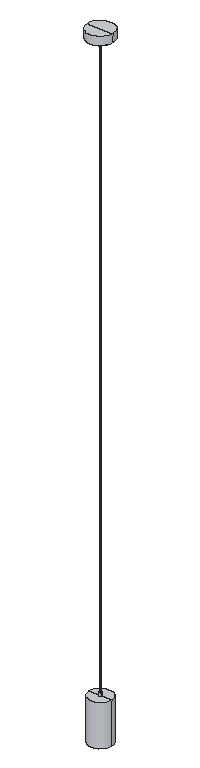
Revit family "Alcon-12303-Revit-Family", category Generic Models, host Ceiling, Revit 2025
Family settings
  Host = Ceiling
  Can host rebar = No
  Round Connector Dimension = Use Diameter
  Part Type = Normal
  Always vertical = Yes
  Cut with Voids When Loaded = No
  Maintain Annotation Orientation = No
  Shared = No
  Room Calculation Point = No
Parameters
  Default Elevation = 0' - 0"
  Cord Length = 8' - 0"
Reference planes (in)
  plane 1 "Center (Front/Back)": y = 0
  plane 2 "Ceiling": z = 96
  plane 3 "Center (Left/Right)": x = 0
Forms (in)
  Revolve 1, solid
    sketch origin (0, 0, 0) x (1, 0, 0) y (0, 0, 1)
      loop
        line (-0.01622, 96) -> (-0.01622, 94.625) -> (-0.01622, 93.75) -> (0.24582, 93.75) -> (0.33118, 94.54444) -> (1.87331, 94.54444) -> (1.87331, 94.70972) -> (2.12331, 94.70972) -> (2.12331, 96) -> (-0.01622, 96)
      axis (-0.01622, 96) -> (-0.01622, 93.75)
    angle from 0 to 360
  Revolve 2, solid
    sketch origin (0, 0, 0) x (1, 0, 0) y (0, 0, 1)
      loop
        line (0.18351, -2.25) -> (0, -2.25) -> (0, -9.5) -> (1.875, -9.5) -> (1.875, -2.75) -> (0.18351, -2.75) -> (0.18351, -2.25)
      axis (0, -2.25) -> (0, -9.5)
    angle from 0 to 360
  Extrusion 3, solid
    sketch origin (0, 0, 93.75) x (1, 0, 0) y (0, -1, 0)
      loop
        circle (0, 0) r 0.05617
    from 0 to 96
Dimensions and locks (in)
  equal spacing: host sketch curve, plane 3 "Center (Left/Right)", host sketch curve
  equal spacing: host sketch curve, plane 1 "Center (Front/Back)", host sketch curve
  host sketch curve to host sketch curve = 10' - 0"  (x2)
  locked: Revolve 2 sketch curve to Revolve 2 sketch curve at 6.75
  locked: Revolve 2 sketch curve to Revolve 2 sketch curve at 0.5
  "Cord Length": Extrusion 3 to Extrusion 3
  aligned and locked: Revolve 2 to Extrusion 3
Automatic sketch dimensions
  Revolve 1 sketch curve to plane 2 "Ceiling" = 0' - 0"  (x2)
  Revolve 1 sketch curve to plane 3 "Center (Left/Right)" = 0' - 0.01622"  (x2)
  plane 3 "Center (Left/Right)" to Revolve 1 sketch curve = 0' - 2.12331"
  Revolve 1 sketch curve to Revolve 1 sketch curve = 0' - 0.26204"
  Revolve 1 sketch curve to Revolve 1 sketch curve = 0' - 0.3474"
  Revolve 1 sketch curve to Revolve 1 sketch curve = 0' - 0 1/4"
  Revolve 1 sketch curve to plane 2 "Ceiling" = 0' - 1.29028"
  Revolve 1 sketch curve to plane 2 "Ceiling" = 0' - 1 3/8"
  Revolve 1 sketch curve to Revolve 1 sketch curve = 0' - 0.08056"
  Revolve 1 sketch curve to Revolve 1 sketch curve = 0' - 0.79444"
  Revolve 1 sketch curve to Revolve 1 sketch curve = 0' - 1 1/2"
  Revolve 2 sketch curve to level = 0' - 9 1/2"
  plane 3 "Center (Left/Right)" to Revolve 2 sketch curve = 0' - 0"
  Revolve 2 sketch curve to Revolve 2 sketch curve = 0' - 0.18351"
  Revolve 2 sketch curve to Revolve 2 sketch curve = 0' - 1.69149"
  Revolve 2 sketch curve to Revolve 2 sketch curve = 0' - 0"
  Revolve 2 sketch curve to Revolve 2 sketch curve = 0' - 0.63047"
  Revolve 2 sketch curve to Revolve 2 sketch curve = 0' - 1.11953"
  Extrusion 3 sketch curve to Extrusion 3 sketch curve = 0' - 0"  (x2)
  Extrusion 3 sketch curve to Revolve 1 = 0' - 0"
  Extrusion 3 sketch curve to Extrusion 3 sketch curve = 0' - 0.05617"
